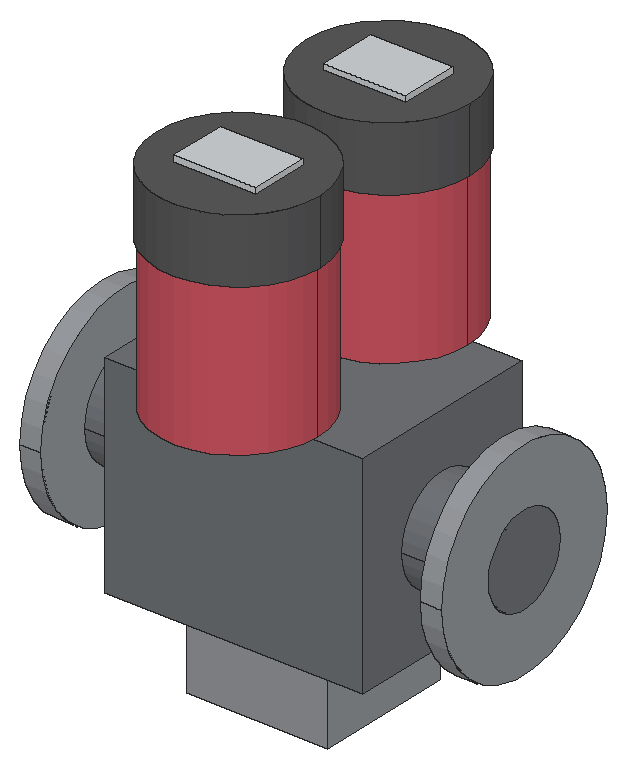
Revit family "CVC_Circulateur_Grundfos_Magna3-D", category Equipement de génie climatique, Revit 2026
Family settings
  Cote de connecteur circulaire = Utiliser le diamètre
  Type d'élément = Normal
  Basée sur le plan de construction = Non
  Toujours verticalement = Oui
  Couper avec des vides une fois chargée = Non
  Conserver l'orientation des annotations = Non
  Partagée = Non
  Repère de localisation dans la pièce = Non
Parameters (values of type "D 65-150F")
  Source = "CCTP lot 12 § 4.6.2"
  Modèle = "Magna3 D"
  Fabricant = "Grundfos"
  Elévation par défaut = 0 mm
  Description = "Circulateur double"
  Caractéristiques CCTP = "Circulateur double, circuits eau glycolée, pilotage 0-10 V"
  A vérifier = "Dimensions approximatives (360x300x520 mm), à vérifier"
Types (2, lengths in mm): name | Caractéristiques CCTP
  D 65-150F | "Circulateur double, circuits eau glycolée, pilotage 0-10 V"
  D 65-80F | "Circulateur double, circuits primaires PAC, pilotage 0-10 V"
Reference planes
  plane 1 "Centre (avant/arrière)": y = 0
  plane 2: z = 0
  plane 3 "Centre (gauche/droite)": x = 0
Forms (mm)
  Extrusion 1, solid, material "EHPAD_acier"
    sketch origin (0, 0, 0) x (1, 0, 0) y (0, 1, 0)
      loop
        line (-60, -60) -> (60, -60) -> (60, 60) -> (-60, 60) -> (-60, -60)
    from 0 to 70
  Extrusion 2, solid, material "EHPAD_anthracite"
    sketch origin (0, 0, 70) x (1, 0, 0) y (0, 1, 0)
      loop
        line (-110, -85) -> (110, -85) -> (110, 85) -> (-110, 85) -> (-110, -85)
    from 0 to 180
  Extrusion 3, solid, material "EHPAD_anthracite"
    sketch origin (-110, 0, 160) x (0, -1, 0) y (0, 0, 1)
      loop
        circle (0, 0) r 44.05
    from 0 to 50
  Extrusion 4, solid, material "EHPAD_anthracite"
    sketch origin (110, 0, 160) x (0, 1, 0) y (0, 0, 1)
      loop
        circle (0, 0) r 44.05
    from 0 to 50
  Extrusion 5, solid, material "EHPAD_anthracite"
    sketch origin (-160, 0, 160) x (0, -1, 0) y (0, 0, 1)
      loop
        circle (0, 0) r 38.05
    from 0 to 20
  Extrusion 6, solid, material "EHPAD_acier"
    sketch origin (-162, 0, 160) x (0, -1, 0) y (0, 0, 1)
      loop
        circle (0, 0) r 88.05
    from 0 to 18
  Extrusion 7, solid, material "EHPAD_anthracite"
    sketch origin (160, 0, 160) x (0, 1, 0) y (0, 0, 1)
      loop
        circle (0, 0) r 38.05
    from 0 to 20
  Extrusion 8, solid, material "EHPAD_acier"
    sketch origin (162, 0, 160) x (0, 1, 0) y (0, 0, 1)
      loop
        circle (0, 0) r 88.05
    from 0 to 18
  Extrusion 9, solid, material "EHPAD_rouge"
    sketch origin (0, -80, 250) x (1, 0, 0) y (0, 1, 0)
      loop
        circle (0, 0) r 68
    from 0 to 130
  Extrusion 10, solid, material "EHPAD_noir"
    sketch origin (0, -80, 380) x (1, 0, 0) y (0, 1, 0)
      loop
        circle (0, 0) r 70
    from 0 to 55
  Extrusion 11, solid, material "EHPAD_gris"
    sketch origin (0, 0, 435) x (1, 0, 0) y (0, 1, 0)
      loop
        line (-35, -105) -> (35, -105) -> (35, -55) -> (-35, -55) -> (-35, -105)
    from 0 to 5
  Extrusion 12, solid, material "EHPAD_rouge"
    sketch origin (0, 80, 250) x (1, 0, 0) y (0, 1, 0)
      loop
        circle (0, 0) r 68
    from 0 to 130
  Extrusion 13, solid, material "EHPAD_noir"
    sketch origin (0, 80, 380) x (1, 0, 0) y (0, 1, 0)
      loop
        circle (0, 0) r 70
    from 0 to 55
  Extrusion 14, solid, material "EHPAD_gris"
    sketch origin (0, 0, 435) x (1, 0, 0) y (0, 1, 0)
      loop
        line (-35, 55) -> (35, 55) -> (35, 105) -> (-35, 105) -> (-35, 55)
    from 0 to 5
Dimensions and locks
  aligned and locked: level to plane 2
Connectors
  piping at (-180, 0, 160), diameter 65
    settings: on Extrusion 5, index 1, connector inside diameter 609.6 mm, connector length 0 mm, flow factor 0, pipe flow 0.0 L/s, pressure drop 0.0 Pa, fitting loss kfactor 0, connector angle 0.00°, fixture units 0, engagement length 0 mm, angle of deflection 0.00°, flow configuration 0, flow direction 0, fitting loss method 0, system type 7, joint type 0, gender type 0, connector reference index -1, connector utility 0, adjustable connector no, is connector primary yes, connector description "Aspiration"
  piping at (180, 0, 160), diameter 65
    settings: on Extrusion 7, index 2, connector inside diameter 609.6 mm, connector length 0 mm, flow factor 0, pipe flow 0.0 L/s, pressure drop 0.0 Pa, fitting loss kfactor 0, connector angle 0.00°, fixture units 0, engagement length 0 mm, angle of deflection 0.00°, flow configuration 0, flow direction 0, fitting loss method 0, system type 7, joint type 0, gender type 0, connector reference index -1, connector utility 0, adjustable connector no, is connector primary no, connector description "Refoulement"
